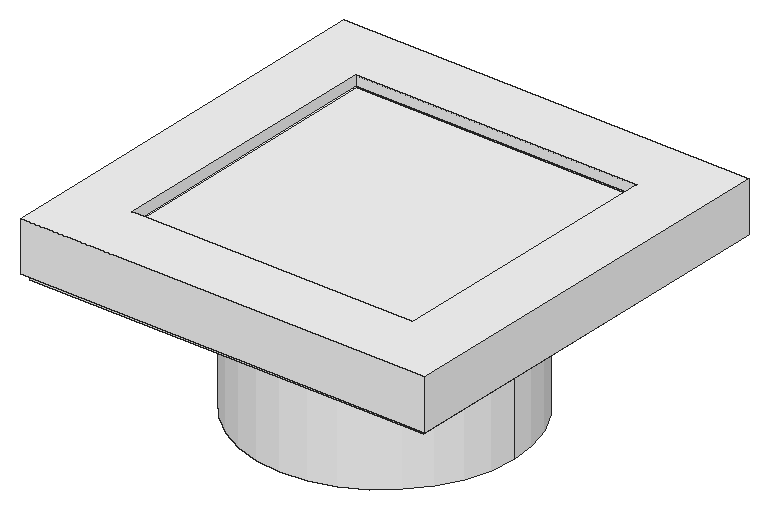
Revit family "Gira_283426", category Electrical Fixtures, host Face, Revit 2017
Family settings
  Host = Face
  Maintain Annotation Orientation = Yes
  Round Connector Dimension = Use Diameter
  Part Type = Normal
  Cut with Voids When Loaded = No
  Shared = No
  Room Calculation Point = No
Parameters (values of type "Wippschalter BS 20 AX Aus 2-p Kontroll System 55 F Alu")
  Zusammenstellung = "Basiselement mit zentraler Abdeckplatte"
  White [instance] = White
  Werkstoffgüte = "sonstige"
  Werkstoff = "sonstige"
  Waschmaschinenschalter = "No"
  URL = "http://katalog.gira.de/de_DE/datenblatt.html?artikelnr=283426"
  Textfeld/Beschriftungsfläche = "nein"
  Tastschalter = "No"
  Schaltungsart = "Schalter 2-polig"
  Rückmeldekontakt = "No"
  Region = "DE"
  Oberfläche = "sonstige"
  Nennspannung = "250 Volt"
  Name = "Wippschalter BS 20 AX Aus 2-p Kontroll System 55 F Alu"
  Montageart = "unter Putz"
  Model = "Sys55_Komplettgerät_Schalten und Tasten"
  Mit Montageplatte = "No"
  Manufacturer URL = "https://www.gira.de/"
  HeinzeBIM = "https://bimportal.heinze.de/bim/wippschalter-bs-20-ax-aus-2-p-kontroll-system-55-f-alu/22227dbb8b3e1f8dacee880ec052564a66c6b706"
  Halogenfrei = "No"
  HAN = "283426"
  Geeignet für Schutzart (IP) = "IP20"
  GTIN = "4010337078838"
  Farbe = "aluminium"
  Default Elevation = 1219.2 mm
  Data sheet (1) = "https://katalog.gira.de/de_DE/download.html?artikelnr=283426"
  Category = "Installationsschalter"
  Bemessungsstrom = "20 Ampere"
  Beleuchtungsfunktion = "beleuchtet wenn eingeschaltet"
  Beleuchtungsart = "sonstige"
  Beleuchtung = "ja"
  Befestigungsart = "Schraubbefestigung"
  Bedienungsart = "Wippe/Taste"
  Available = "Yes"
  Anzahl der Module (bei Modulbauweise) = "1 "
  Anzahl der Betätigungswippen = "1 "
  Anschlussart = "Schraubklemme"
Reference planes
  plane 1 "Center (Front/Back)": y = 0
  plane 2: z = 0
  plane 3 "Center (Left/Right)": x = 0
Forms (mm)
  Extrusion 1, solid, material "White" <- "White", detail levels medium
    sketch origin (0, 0, 0) x (1, 0, 0) y (0, 1, 0)
      loop
        line (-40.4, 40.4) -> (-40.4, -40.4) -> (40.4, -40.4) -> (40.4, 40.4) -> (-40.4, 40.4)
      loop
        line (-28, 28) -> (-28, -28) -> (28, -28) -> (28, 28) -> (-28, 28)
    from 0 to 10
  Extrusion 2, solid, material "White" <- "White", detail levels fine
    sketch origin (0, 0, 0) x (1, 0, 0) y (0, 1, 0)
      loop
        line (-40.4, 40.4) -> (-40.4, -40.4) -> (40.4, -40.4) -> (40.4, 40.4) -> (-40.4, 40.4)
      loop
        line (-28, 28) -> (-28, -28) -> (28, -28) -> (28, 28) -> (-28, 28)
    from 0 to 10
  Extrusion 3, void
    sketch origin (0, 0, 0) x (1, 0, 0) y (0, 1, 0)
      loop
        line (-38.4, 38.4) -> (-38.4, -38.4) -> (38.4, -38.4) -> (38.4, 38.4) -> (-38.4, 38.4)
    from 0 to 8
  Extrusion 4, solid, material "White" <- "White", detail levels medium+fine
    sketch origin (0, 0, 0) x (1, 0, 0) y (0, 1, 0)
      loop
        line (-39.4, 39.4) -> (-39.4, -39.4) -> (39.4, -39.4) -> (39.4, 39.4) -> (-39.4, 39.4)
    from 0 to -1
  Extrusion 5, solid, material "White" <- "White", detail levels medium+fine
    sketch origin (0, 0, 0) x (1, 0, 0) y (0, 1, 0)
      loop
        line (-35.5, 35.5) -> (-35.5, -35.5) -> (35.5, -35.5) -> (35.5, 35.5) -> (-35.5, 35.5)
    from -2 to -3
  Extrusion 6, solid, material "White" <- "White", detail levels medium+fine
    sketch origin (0, 0, 0) x (1, 0, 0) y (0, 1, 0)
      loop
        circle (0, 0) r 26
    from 0 to -27.5
  Extrusion 7, solid, material "White" <- "White", detail levels coarse
    sketch origin (0, 0, 0) x (1, 0, 0) y (0, 1, 0)
      loop
        line (-40.4, 40.4) -> (-40.4, -40.4) -> (40.4, -40.4) -> (40.4, 40.4) -> (-40.4, 40.4)
    from -27.5 to 10
Cuts and joins
  Extrusion 3 cuts Extrusion 2
Dimensions and locks
  aligned and locked: plane 2 to host face
  aligned and locked: level to host face
  aligned and locked: plane 3 "Center (Left/Right)" to nested 2
  aligned and locked: plane 1 "Center (Front/Back)" to nested 2
Nested families
  nested 1: "Sys55_Abdeckung_Schalten und Tasten_floor_base" at (0, 0, 0), type "Sys55_Abdeckung_Schalten und Tasten_floor_base"
  nested 2: "Schalter" at (0, 0, 0), type "Schalter"
Connectors
  electrical at (0, 0, -27.5)
    settings: on Extrusion 6, index 1, voltage 220 V, apparent load 0 VA, apparent load phase1 0 VA, apparent load phase2 0 VA, apparent load phase3 0 VA, power factor 1, load classification "Other", number of poles 1, system type 30, power factor state 1, is connector primary yes, connector utility no, sub classification motor no, connector description ""
Definition of nested family "Sys55_Abdeckung_Schalten und Tasten_floor_base"
  Parameters
    Default Elevation = 1219.2 mm
    White [instance] = none
  Reference planes
    plane 1 "Center (Front/Back)": y = 0
    plane 2: z = 0
    plane 3 "Center (Left/Right)": x = 0
  Forms (mm)
    Extrusion 1, solid
      sketch origin (0, 0, 0) x (1, 0, 0) y (0, 1, 0)
        loop
          line (-1219.2, 1219.2) -> (-1219.2, -1219.2) -> (1219.2, -1219.2) -> (1219.2, 1219.2) -> (-1219.2, 1219.2)
      from 0 to -304.8
    Extrusion 2, solid, material <- "White", detail levels fine
      sketch origin (0, 0, 0) x (1, 0, 0) y (0, 1, 0)
        loop
          line (-27.5, 27.5) -> (-27.5, -27.5) -> (27.5, -27.5) -> (27.5, 27.5) -> (-27.5, 27.5)
      from 0 to 8
    Extrusion 3, void
      sketch origin (0, 0, 0) x (1, 0, 0) y (0, 1, 0)
        loop
          line (26, 26) -> (-26, 26) -> (-26, -26) -> (26, -26) -> (26, 26)
      from 0 to 6
    Extrusion 4, solid, material <- "White", detail levels medium
      sketch origin (0, 0, 0) x (1, 0, 0) y (0, 1, 0)
        loop
          line (-27.5, 27.5) -> (-27.5, -27.5) -> (27.5, -27.5) -> (27.5, 27.5) -> (-27.5, 27.5)
      from 0 to 8
    Extrusion 5, solid, material <- "White", detail levels medium
      sketch origin (0, 0, 0) x (1, 0, 0) y (0, 1, 0)
        loop
          line (11, -17.5) -> (11, 17.5) -> (-11, 17.5) -> (-11, -17.5) -> (11, -17.5)
      from -6 to 6
    Extrusion 6, solid, material <- "White", detail levels fine
      sketch origin (0, 0, 0) x (1, 0, 0) y (0, 1, 0)
        loop
          line (11, 17.5) -> (-11, 17.5) -> (-11, 16.5) -> (11, 16.5) -> (11, 17.5)
        loop
          line (-11, -16.5) -> (-11, -17.5) -> (11, -17.5) -> (11, -16.5) -> (-11, -16.5)
      from -4 to 6
    Extrusion 7, solid, material <- "White", detail levels fine
      sketch origin (0, 0, 0) x (1, 0, 0) y (0, 1, 0)
        loop
          arc (5, 9.347) -> (0, 10.6) -> (-5, 9.347) r 10.6
          line (-5, 9.347) -> (-5, -9.347)
          arc (-5, -9.347) -> (0, -10.6) -> (5, -9.347) r 10.6
          line (5, -9.347) -> (5, 9.347)
      from -6 to 6
    Extrusion 8, solid, material <- "White", detail levels coarse
      sketch origin (0, 0, 0) x (1, 0, 0) y (0, 1, 0)
        loop
          line (-27.5, 27.5) -> (-27.5, -27.5) -> (27.5, -27.5) -> (27.5, 27.5) -> (-27.5, 27.5)
      from -6 to 8
  Cuts and joins
    Extrusion 3 cuts Extrusion 2
  Dimensions and locks
    aligned and locked: plane 2 to Extrusion 1
    aligned and locked: level to Extrusion 1
Definition of nested family "Schalter"
  Reference planes
    plane 1: y = 0
    plane 2: x = 0
  Lines and regions (mm)
    detail lines
      curve 1: circle (1.375, 2.778, 0) r 0.8 normal (0, 0, 1)
      curve 2: line (1.021, 2.061, 0) -> (0, 0, 0)
      curve 3: line (0, 0, 0) -> (-0.538, 0.266, 0)
  Dimensions and locks
    curve 2 to curve 2 = 2.3 mm
    curve 3 to curve 2 = 0.6 mm
    radius of curve 1 = 0.8 mm
